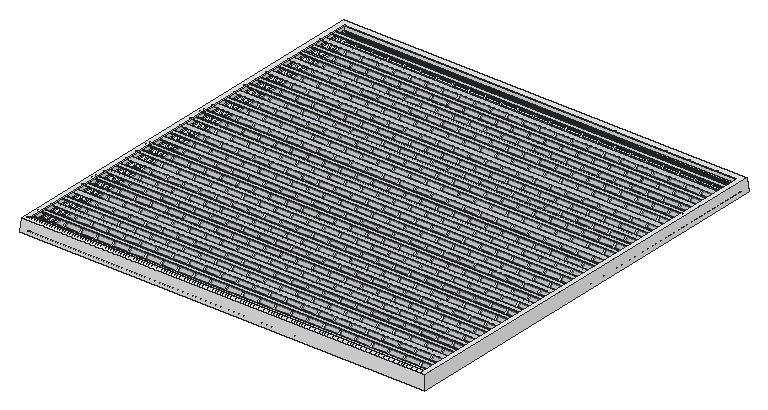
Revit family "NLRS_00_AIR_Muurrooster_ST-431-RC2_Storax", category Air Terminals, host Face, Revit 2023
Family settings
  Host = Face
  Round Connector Dimension = Use Diameter
  Part Type = Normal
  Cut with Voids When Loaded = No
  Shared = No
  Room Calculation Point = Yes
Parameters (values of type "ST-431-RC2")
  ZZZ_Width_Length [instance] = 1000 mm
  ZZZ_Symbol_wall width_Length [instance] = if(RSen_C_width = 0 mm, 1 mm, RSen_C_width)  # 1000 mm
  ZZZ_Symbol_wall depth_Length [instance] = if(RSen_C_depth = 0 mm, 1 mm, RSen_C_depth)  # 29 mm
  ZZZ_Symbol_ceiling width_Length [instance] = if(RSen_C_width = 0 mm, 1 mm, RSen_C_width)  # 1000 mm
  ZZZ_Symbol_ceiling height_Length [instance] = if(RSen_C_height = 0 mm, 1 mm, RSen_C_height)  # 1000 mm
  ZZZ_Surface mounted_YesNo = yes
  ZZZ_Recessed_YesNo = no
  ZZZ_Recess depth_negative_Length = if(1 = 1, -ZZZ_Recess depth_Length, 1 mm)  # 0 mm
  ZZZ_Recess depth_Length = 0 mm
  ZZZ_Protrusion_Length = 0 mm  # constant formula
  ZZZ_Profile_width_Length [instance] = ZZZ_Width_Length - ZZZ_Flange_offset_Length * 2  # 972 mm
  ZZZ_Profile top_offset_Length = 50.5 mm
  ZZZ_Profile middle_offset_Length = if(1 = 1, STX_I Blade_pitch, 1 mm)  # 33.3 mm
  ZZZ_Profile middle_amount__Integer [instance] = if(ZZZ_Profile middle_amount_Integer < 2, 2, ZZZ_Profile middle_amount_Integer)  # 27
  ZZZ_Profile middle_amount_Integer [instance] = (ZZZ_Height_Length - ZZZ_Profile top_offset_Length - ZZZ_Profile middle_offset_Length - ZZZ_Flange_offset_Length) / ZZZ_Profile middle_offset_Length  # 27
  ZZZ_Profile bottom_minimum height_Length = 23 mm
  ZZZ_Profile bottom_height_Length [instance] = if((ZZZ_Height_Length - ZZZ_Profile top_offset_Length - ZZZ_Profile middle_offset_Length * ZZZ_Profile middle_amount_Integer - ZZZ_Flange_offset_Length) < ZZZ_Profile bottom_minimum height_Length, ZZZ_Profile bottom_minimum height_Length, ZZZ_Height_Length - ZZZ_Profile top_offset_Length - ZZZ_Profile middle_offset_Length * ZZZ_Profile middle_amount_Integer - ZZZ_Flange_offset_Length)  # 36.4 mm
  ZZZ_Mounting space_Length [instance] = 1 mm
  ZZZ_Airflow_surface_Area [instance] = STX_V Height * STX_V Width  # 1.00 m²
  STX_V Mesh [instance] = NLRS_00_GM_Gaas_Storax : Insectengaas 2.3x2.3mm
  ZZZ_Louvre_rotation_Angle = 0.00°  # constant formula
  ZZZ_Louvre_insertion point_Length = 0 mm
  ZZZ_Louvre_insertion point negative_Length = if(1 = 1, -ZZZ_Louvre_insertion point_Length, 1 mm)  # 0 mm
  ZZZ_Height_Length [instance] = 1000 mm
  ZZZ_Half width negative_Length [instance] = -500 mm
  ZZZ_Half height negative_Length [instance] = -500 mm
  ZZZ_Flange_thickness_Length = if(STX_I Flange_thickness = 0 mm, 1 mm, STX_I Flange_thickness)  # 1 mm
  ZZZ_Flange_offset_Length = 14 mm
  ZZZ_Flange_FamilyType_Air Terminals = GEO_flange_renson_431RC2 : standard
  ZZZ_Dust filter_FamilyType_Air Terminals = dust filter - class g4 - SH_renson : dust filter - class g4_renson
  ZZZ_Depth_Length = if(1 = 1, RSen_C_depth, 1 mm)  # 29 mm
  ZZZ_Depth negative_Length = if(1 = 1, -RSen_C_depth, 1 mm)  # -29 mm
  ZZZ_Cut out_width__Length [instance] = if(and(ZZZ_Recessed_YesNo, ZZZ_Cut out_width_Length > 0 mm), ZZZ_Cut out_width_Length, 1 mm)  # 1 mm
  ZZZ_Cut out_width_Length [instance] = RSen_C_width + ZZZ_Mounting space_Length * 2  # 1002 mm
  ZZZ_Cut out_radius_Length [instance] = 1 mm
  ZZZ_Cut out_height__Length [instance] = if(and(ZZZ_Recessed_YesNo, ZZZ_Cut out_height_Length > 0 mm), ZZZ_Cut out_height_Length, 1 mm)  # 1 mm
  ZZZ_Cut out_height_Length [instance] = RSen_C_height + ZZZ_Mounting space_Length * 2  # 1002 mm
  ZZZ_Cut out_depth_Length = 500 mm
  ZZZ_Cut out_depth negative_Length = if(and(ZZZ_Recessed_YesNo, ZZZ_Cut out_depth_Length > 0 mm), -ZZZ_Cut out_depth_Length, 2 mm)  # 2 mm
  ZZZ_Airflow_HVACAirflow = 1.0 m³/h  # constant formula
  Type IFC Predefined Type = "Grille"
  RSen_M_c01_flow_rate [instance] = if(STX_V Supply air, STX_I Airflow_intake by K factor, STX_I Airflow_discharge by K factor)  # 1027.23 m³/h
  RSen_C_width [instance] = if(STX_V Width < STX_I Width_min, STX_I Width_min, if(STX_I Width_max < 1 mm, STX_V Width, if(STX_V Width > STX_I Width_max, STX_I Width_max, STX_V Width)))  # 1000 mm
  RSen_C_type_comments = "surface-mounted wall louvre"
  RSen_C_type = "surface-mounted wall louvre"
  RSen_C_model = "ST-431-RC2"
  RSen_C_material = RSen_h4_aluminum
  RSen_C_height [instance] = if(STX_V Height < STX_I Height_min, STX_I Height_min, if(STX_I Height_max < 1 mm, STX_V Height, if(STX_V Height > STX_I Height_max, STX_I Height_max, STX_V Height)))  # 1000 mm
  RSen_C_description = "ST-431-RC2"
  RSen_C_depth = 29 mm
  RSen_C_content_provider = "Storax"  # constant formula
  RSen_C_code_gtin = "-"
  RSen_C_code_article = "ST-431-RC2"
  RSen_C_code_ETIM_URL = "https://www.storax.nl/producten/zomernachtventilatie/st-431-rc2-43/"
  RSen_C_code_ETIM = "Overstroomrooster"  # constant formula
  RSen_C_code_CBNL_URL = ""
  RSen_C_code_CBNL = "Louvre"  # constant formula
  STX_W Fingerprint = "<RSen_C_length> x <RSen_C_height> mm"
  STX_V Width [instance] = 1000 mm
  STX_V Supply air = yes
  STX_V insect mesh [instance] = yes
  STX_V Air exhaust = not(STX_V Supply air)  # no
  STX_V Pressure drop [instance] = 1.0 Pa
  STX_V Height [instance] = 1000 mm
  STX_I Without flange_info = "no"
  STX_I Without flange = no
  STX_I Width_min = 120 mm
  STX_I Width_max = 4000 mm
  STX_I Water channel = yes
  STX_I U-value = "-"
  STX_I Sound reduction_Rw = "-"
  STX_I Sound reduction_Dw = "-"
  STX_I Size_maximum = "see price list"
  STX_I Removable insect mesh_info = "Min. dimensions: 190x190 mm; Max. dimensions: 1500x1200 mm"  # constant formula
  STX_I Puncture proof = yes
  STX_I Flange_thickness = 0 mm
  STX_I Air flow [instance] = if(STX_V Supply air, "supply", "exhaust")  # "supply"
  STX_I Visual free area = 0.59
  STX_I Zichtbaar vrije opp. = 0.5
  STX_I Width with flange [instance] = ZZZ_Width_Length + STX_I Flange_height * 2  # 1000 mm
  STX_I Material = "aluminiumAlMgSi0.5"
  STX_I K factor_intake = 20.47
  STX_I K factor_discharge = 19.58
  STX_I IP = "IP2XD"
  STX_I Height_min = 120 mm
  STX_I Height_max = 4000 mm
  STX_I G4 filter = no
  STX_I Shape = "rectangular"
  STX_I Fire resistance = "-"
  STX_I Drainage profile = no
  STX_I Depth_min = 0 mm
  STX_I Depth_max = 0 mm
  STX_I Control = "-"
  STX_I Ce coefficient_intake = 0.221
  STX_I Cd coefficient_discharge = 0.226
  STX_I Burglarproof_WK class = "-"
  STX_I Blade_type = "L.033.01"
  STX_I Blade_pitch = 33.3 mm
  STX_I Blade_shape = "Z"
  STX_I Assembly = ""
  STX_I Colour = ""
  STX_I BaseKeynote = "57.10.90.1"  # constant formula
  STX_I Height with flange [instance] = ZZZ_Height_Length + STX_I Flange_height * 2  # 1000 mm
  STX_I Airflow_intake by K factor [instance] = ((ZZZ_Airflow_surface_Area / 1.00 m²) * ((sqrt((2.0 Pa * STX_V Pressure drop) / (1.2 * STX_I K factor_intake))) / 1.0 Pa)) * 3600.0 m³/h  # 1027.23 m³/h
  STX_I Airflow_discharge by K factor [instance] = ((ZZZ_Airflow_surface_Area / 1.00 m²) * ((sqrt((2.0 Pa * STX_V Pressure drop) / (1.2 * STX_I K factor_discharge))) / 1.0 Pa)) * 3600.0 m³/h  # 1050.32 m³/h
  STX_I Flange_width = 0 mm
  STX_I Flange_height = 0 mm
  URL = ""
  Type Comments = RSen_C_type_comments  # "surface-mounted wall louvre"
  Model = RSen_C_model  # "ST-431-RC2"
  Manufacturer = "Storax"  # constant formula
  IfcExportType = "Grille"  # constant formula
  IfcExportAs = "IfcAirTerminalType"  # constant formula
  Export Type to IFC As = "IfcAirTerminalType"
  Description = RSen_C_description  # "ST-431-RC2"
  Default Elevation = 1219.2 mm
  Based On = "Renson"  # constant formula
  Assembly Code = "57.10.90.1"
  Apparent Load = 0 VA
Reference planes
  plane 1 "Center (Front/Back)": y = 0
  plane 2: z = 0
  plane 3 "Center (Left/Right)": x = 0
  plane 4: y = 500
  plane 5: y = -500
  plane 6: x = -500
  plane 7: x = 500
  plane 8: x = -500
  plane 9: x = 500
  plane 10: y = -500
  plane 11: y = 500
  plane 12: z = 29
  plane 13: z = 0
  plane 14: x = 486
  plane 15: x = -486
  plane 16: y = 486
  plane 17: y = -486
Forms (mm)
  Extrusion 1, solid, not visible, detail levels coarse
    sketch origin (-5, 0, 29) x (0, -1, 0) y (1, 0, 0)
      loop
        line (-500, -495) -> (500, -495) -> (500, 505) -> (-500, 505) -> (-500, -495)
    from 0 to -29 <- "ZZZ_Depth negative_Length"
Dimensions and locks
  equal spacing: plane 6, plane 3 "Center (Left/Right)", plane 7
  "STX_I Width with flange": plane 6 to plane 7
  equal spacing: plane 5, plane 1 "Center (Front/Back)", plane 4
  "STX_I Height with flange": plane 4 to plane 5
  equal spacing: plane 8, plane 3 "Center (Left/Right)", plane 9
  "RSen_C_width": plane 8 to plane 9
  equal spacing: plane 11, plane 1 "Center (Front/Back)", plane 10
  "RSen_C_height": plane 11 to plane 10
  "RSen_C_depth": plane 12 to plane 13
  "ZZZ_Recess depth_Length": host face to plane 13
  "ZZZ_Flange_offset_Length": plane 14 to plane 9
  "ZZZ_Flange_offset_Length": plane 8 to plane 15
  "ZZZ_Flange_offset_Length": plane 11 to plane 16
  "ZZZ_Flange_offset_Length": plane 17 to plane 10
  aligned and locked: plane 2 to host face
  aligned and locked: level to host face
  aligned and locked: Extrusion 1 sketch curve to plane 10
  aligned and locked: Extrusion 1 sketch curve to plane 9
  aligned and locked: Extrusion 1 sketch curve to plane 11
  aligned and locked: Extrusion 1 sketch curve to plane 8
  aligned and locked: nested 3 to plane 3 "Center (Left/Right)"
  aligned and locked: nested 3 to plane 1 "Center (Front/Back)"
Automatic sketch dimensions
  host sketch curve to host sketch curve = 2438.4 mm  (x2)
Nested families
  nested 1: "GEO_flange_renson_431RC2" at (0, 0, 29), REN_V Depth <- "RSen_C_depth", REN_V Material_01 <- "RSen_C_material", REN_V Width <- "RSen_C_width", REN_V Height <- "RSen_C_height", type "standard"
    with WT_H Width 1000 mm, WT_H Round no, WT_H Rectangular yes, WT_H Radius 2 mm, WT_H Inner width 971 mm, WT_H Inner radius_02 1 mm, WT_H Inner radius 1 mm, WT_H Inner height 971 mm, WT_H Height 1000 mm, WT_H Depth 29 mm, REN_V Width 1000 mm, REN_V Material_01 RSen_h4_aluminum, REN_V Height 1000 mm, REN_V Diameter 0 mm, REN_V Depth 29 mm
  nested 2: "GEO_louvre_renson ST-033-07b" at (0, 0, 29), STX_V Height <- "STX_V Height", STX_V Width <- "STX_V Width", type "standard"
    with WT_H_Flange Thickness 10 mm, WT_H array lamel void 26, WT_H Width 989 mm, WT_H Round no, WT_H Remaining Height 39.8 mm, WT_H Rectangular yes, WT_H Radius 2 mm, WT_H R1 -5.5 mm, WT_H Profile top_offset fake 41.1 mm, WT_H Profile top_offset 43 mm, WT_H Profile middle_single no, WT_H Profile middle_offset 33.3 mm, WT_H Profile middle_multiple yes, WT_H Profile middle_amount_ 27, WT_H Profile middle_amount 27, WT_H Profile bottom_minimum height 23 mm, WT_H Profile bottom_height 52.4 mm, WT_H Profile bottom visible 1, WT_H L3 1039 mm, WT_H L2 1050 mm, WT_H L1 10 mm, WT_H Height Without Edges 980 mm, WT_H Height Small Blade 29.9 mm, WT_H Height Normal Blade 37 mm, WT_H Height Large Blade 49.5 mm, WT_H Height 1000 mm, WT_H Depth 33.5 mm, WT_H Blade Profile Small no, WT_H Blade Profile Normal yes, WT_H Blade Profile Large no, WT_H Blade Count Fake Rounded 27, WT_H Blade Count Fake Not Rounded 28.195 mm, Top offset 11 mm, STX_V Width 1000 mm, STX_V Material_01 none, STX_V Height 1000 mm, STX_V Diameter 0 mm, STX_V Depth 33.5 mm, STX_H Flange_offset 5.5 mm
  nested 3: "NLRS_00_GM_Gaas_Storax" at (-500, 500, 33.3) x (1, 0, 0) z (0, -1, 0), Height <- "STX_V Height", Width <- "STX_V Width", visible <- "STX_V insect mesh", type <- "STX_V Mesh", type "Insectengaas 2.3x2.3mm"
    with Width 1000 mm, Offset_Gaas_Top_Sides 7.5 mm, Offset_Gaas_Bottom 7.5 mm, Height 1000 mm
Definition of nested family "GEO_flange_renson_431RC2"
  Parameters (values of type "standard")
    WT_V Flange_thickness = 0 mm
    REN_V Material_01 [instance] = none
    REN_V Width [instance] = 100 mm
    REN_V Height [instance] = 100 mm
    WT_H Round [instance] = not(WT_H Rectangular)  # no
    WT_H Rectangular [instance] = and(REN_V Width > 0 mm, WT_H Height > 0 mm)  # yes
    WT_H Width [instance] = if(REN_V Width = 0 mm, 2 mm, REN_V Width)  # 100 mm
    REN_V Depth [instance] = 29 mm
    REN_V Diameter [instance] = 0 mm
    WT_V Flange_height = 14.5 mm
    WT_H Height [instance] = if(REN_V Height = 0 mm, 2 mm, REN_V Height)  # 100 mm
    WT_H Inner radius_02 [instance] = if(WT_H Inner radius - WT_V Flange_thickness < 1 mm, 1 mm, WT_H Inner radius - WT_V Flange_thickness)  # 1 mm
    WT_H Inner radius [instance] = if(WT_H Radius - WT_V Flange_height < 1 mm, 1 mm, WT_H Radius - WT_V Flange_height)  # 1 mm
    WT_H Inner width [instance] = if(WT_H Width - WT_V Flange_height * 2 < 1 mm, 1 mm, WT_H Width - WT_V Flange_height * 2)  # 71 mm
    WT_H Inner height [instance] = if(WT_H Height - WT_V Flange_height * 2 < 1 mm, 1 mm, WT_H Height - WT_V Flange_height * 2)  # 71 mm
    WT_H Radius [instance] = if(REN_V Diameter = 0 mm, 2 mm, REN_V Diameter / 2)  # 2 mm
    WT_H Depth [instance] = if(REN_V Depth = 0 mm, 1 mm, REN_V Depth)  # 29 mm
    Default Elevation = 2500 mm
  Reference planes
    plane 1 "Center (Front/Back)": y = 0
    plane 2: z = 0
    plane 3 "Center (Left/Right)": x = 0
    plane 4 "top": z = -29
    plane 5 "left": x = -35.5
    plane 6 "right": x = 35.5
    plane 7: x = -50
    plane 8: x = 50
    plane 9 "back": y = 35.5
    plane 10 "front": y = -35.5
    plane 11: y = 50
    plane 12: y = -50
  Forms (mm)
    Extrusion 1, solid
      sketch origin (0, 0, 0) x (1, 0, 0) y (0, 1, 0)
        loop
          line (-1219.2, 1219.2) -> (-1219.2, -1219.2) -> (1219.2, -1219.2) -> (1219.2, 1219.2) -> (-1219.2, 1219.2)
      from 0 to -304.8
    Sweep 2, solid, material <- "REN_V Material_01"
      path origin (0, 0, 0) x (1, 0, 0) y (0, 1, 0)
        loop
          line (-50, 50) -> (-50, -50) -> (50, -50) -> (50, 50) -> (-50, 50)
      profile "PRF_profile - flange_renson_431RC2 : standaard" origin (0, 50, 0) x (0, 1, 0) y (0, 0, 1)
        loop
          line (-14, 2.3) -> (-14, -0.2) -> (-9, -0.2) -> (-9, -3.2) -> (-7.5, -3.2) -> (-7.5, -0.5) -> (-5.4, -0.5) -> (-5.4, -5.192) -> (-4.393, -17.994) -> (-5.4, -17.994) -> (-5.4, -20.7) -> (-7.5, -20.7) -> (-7.5, -18.4) -> (-9, -18.4) -> (-9, -21) -> (-29.9, -21) -> (-29.9, -24) -> (-37.9, -24) -> (-37.9, -26) -> (-29.4, -26) -> (-29.4, -28.9) -> (-27.9, -28.9) -> (-27.9, -27.35) -> (-25.4, -27.35) -> (-25.4, -25.85) -> (-27.9, -25.85) -> (-27.9, -23.8) -> (-11.9, -23.8) -> (-11.9, -25.85) -> (-14.4, -25.85) -> (-14.4, -27.35) -> (-11.837, -27.35)
          arc (-11.837, -27.35) -> (-10.562, -28.641) -> (-10.4, -26.834) r 1
          line (-10.4, -26.834) -> (-10.4, -24.2) -> (-6.4, -24.2) -> (-6.4, -29.2) -> (-4.9, -29.2) -> (-4.9, -24.259) -> (-2, -24.259) -> (-2, -29.2) -> (0, -29.2) -> (-2.589, 2.3) -> (-14, 2.3)
  Dimensions and locks
    equal spacing: plane 7, plane 3 "Center (Left/Right)", plane 8
    "WT_H Width": plane 7 to plane 8
    equal spacing: plane 5 "left", plane 3 "Center (Left/Right)", plane 6 "right"
    "WT_H Inner width": plane 5 "left" to plane 6 "right"
    equal spacing: plane 11, plane 1 "Center (Front/Back)", plane 12
    equal spacing: plane 9 "back", plane 1 "Center (Front/Back)", plane 10 "front"
    "WT_H Height": plane 12 to plane 11
    "WT_H Inner height": plane 10 "front" to plane 9 "back"
    "WT_H Depth": level to plane 4 "top"
    aligned and locked: plane 2 to Extrusion 1
    aligned and locked: level to Extrusion 1
    aligned and locked: plane 11 to Sweep 2 sketch curve
    aligned and locked: Sweep 2 sketch curve to plane 12
    aligned and locked: Sweep 2 sketch curve to plane 8
    aligned and locked: plane 7 to Sweep 2 sketch curve
  Automatic sketch dimensions
    Extrusion 1 sketch curve to Extrusion 1 sketch curve = 2438.4 mm  (x2)
Definition of nested family "GEO_louvre_renson ST-033-07b"
  Parameters (values of type "standard")
    WT_H_Flange Thickness [instance] = 10 mm
    WT_H array lamel void [instance] = (STX_V Width / 40 mm) + 1  # 26
    WT_H Remaining Height [instance] = WT_H Height Without Edges - WT_H Profile top_offset fake - WT_H Blade Count Fake Rounded * WT_H Profile middle_offset  # 39.8 mm
    WT_H R1 [instance] = if(1 = 1, STX_V Diameter / 2 - STX_H Flange_offset, 1 mm)  # -5.5 mm
    WT_H Profile top_offset fake [instance] = WT_H Profile top_offset - 2.9 mm + 1 mm  # 41.1 mm
    WT_H Profile middle_multiple [instance] = WT_H Profile middle_amount > 1  # yes
    WT_H Profile top_offset [instance] = 43 mm
    WT_H Profile middle_single [instance] = and(WT_H Height - WT_H Profile top_offset - WT_H Profile middle_offset - STX_H Flange_offset + 15 mm > WT_H Profile middle_offset, WT_H Profile middle_amount < 2)  # no
    WT_H Profile middle_offset [instance] = 33.3 mm
    WT_H Profile bottom visible [instance] = if(WT_H Remaining Height - 2 mm > WT_H Height Large Blade, 2, if(WT_H Remaining Height - 2 mm > WT_H Height Normal Blade, 1, if(WT_H Remaining Height - 2 mm > WT_H Height Small Blade, 0, 3)))  # 1
    WT_H Height Without Edges [instance] = STX_V Height - 2 * WT_H_Flange Thickness  # 980 mm
    WT_H Height Small Blade [instance] = 29.9 mm
    WT_H Height Normal Blade [instance] = 37 mm
    WT_H Height Large Blade [instance] = 49.5 mm
    WT_H Blade Profile Small [instance] = WT_H Profile bottom visible = 0  # no
    WT_H Blade Profile Normal [instance] = WT_H Profile bottom visible = 1  # yes
    WT_H Blade Profile Large [instance] = WT_H Profile bottom visible = 2  # no
    WT_H Blade Count Fake Rounded [instance] = rounddown((WT_H Height Without Edges - WT_H Profile top_offset fake) / WT_H Profile middle_offset - WT_H Height Small Blade / WT_H Profile middle_offset)  # 27
    WT_H Blade Count Fake Not Rounded [instance] = (WT_H Height Without Edges - WT_H Profile top_offset fake) / WT_H Profile middle_offset * 1 mm  # 28.195 mm
    Top offset [instance] = WT_H_Flange Thickness + 1 mm  # 11 mm
    STX_V Material_01 [instance] = none
    STX_V Width [instance] = 1000 mm
    STX_V Height [instance] = 1000 mm
    WT_H Profile middle_amount_ [instance] = if(WT_H Profile middle_amount < 2, 2, WT_H Profile middle_amount)  # 27
    WT_H Profile middle_amount [instance] = rounddown((WT_H Height Without Edges - WT_H Profile top_offset fake) / WT_H Profile middle_offset - WT_H Height Small Blade / WT_H Profile middle_offset)  # 27
    WT_H Profile bottom_height [instance] = if((WT_H Height - WT_H Profile top_offset - WT_H Profile middle_offset * WT_H Profile middle_amount - STX_H Flange_offset) < WT_H Profile bottom_minimum height, WT_H Profile bottom_minimum height, WT_H Height - WT_H Profile top_offset - WT_H Profile middle_offset * WT_H Profile middle_amount - STX_H Flange_offset)  # 52.4 mm
    WT_H L3 [instance] = WT_H Width + 50 mm  # 1039 mm
    WT_H L2 [instance] = WT_H Height + 50 mm  # 1050 mm
    WT_H L1 [instance] = if(or(STX_V Width = 0 mm, STX_V Height = 0 mm), -STX_V Depth - 10 mm, 10 mm)  # 10 mm
    STX_H Flange_offset [instance] = 5.5 mm
    WT_H Round [instance] = not(WT_H Rectangular)  # no
    WT_H Rectangular [instance] = and(STX_V Width > 0 mm, WT_H Height > 0 mm)  # yes
    WT_H Width [instance] = if(STX_V Width = 0 mm, STX_V Diameter - STX_H Flange_offset * 2, STX_V Width - STX_H Flange_offset * 2)  # 989 mm
    STX_V Depth [instance] = 33.5 mm
    STX_V Diameter [instance] = 0 mm
    WT_H Profile bottom_minimum height [instance] = 23 mm
    WT_H Height [instance] = if(STX_V Height = 0 mm, STX_V Diameter, STX_V Height)  # 1000 mm
    WT_H Radius [instance] = if(STX_V Diameter = 0 mm, 2 mm, STX_V Diameter / 2)  # 2 mm
    WT_H Depth [instance] = if(STX_V Depth = 0 mm, 1 mm, STX_V Depth)  # 33.5 mm
    Default Elevation = 2500 mm
  Reference planes
    plane 1 "Center (Front/Back)": y = 0
    plane 2: z = 0
    plane 3 "Center (Left/Right)": x = 0
    plane 4 "top": z = -33.5
    plane 5: x = -494.5
    plane 6: x = 494.5
    plane 7: y = 500
    plane 8: y = -500
    plane 9: z = -5
    plane 10: y = 446
    plane 11: y = 412.7
    plane 12: y = -445.485
    plane 13: y = -445.485
    plane 14: y = -445.485
    plane 15: y = 490
    plane 16: y = -490
    plane 17: y = -450.2
    plane 18: y = -450.2
    plane 19: y = -450.2
    plane 20: y = 489
    plane 21: x = -512.5
    plane 22: x = -476.5
    plane 23: x = -472.5
    plane 24: x = -436.5
    plane 25: y = 483
  Forms (mm)
    Extrusion 1, solid
      sketch origin (0, 0, 0) x (1, 0, 0) y (0, 1, 0)
        loop
          line (-1219.2, 1219.2) -> (-1219.2, -1219.2) -> (1219.2, -1219.2) -> (1219.2, 1219.2) -> (-1219.2, 1219.2)
      from 0 to -304.8
    Sweep 2, solid, material <- "STX_V Material_01", visible <- "WT_H Blade Profile Normal", not visible
      path origin (0, 50.771, 0) x (1, 0, 0) y (0, 1, 0)
        loop
          line (-494, -500) -> (494, -500)
      profile "NLRS_00_PRF_P-02013 : NLRS_00_PRF_P-02013" origin (0, -449.229, 0) x (0, 1, 0) y (0, 0, 1)
        loop
          arc (-2.993, -18.528) -> (-1.165, -19.034) -> (0.705, -19.343) r 17.9
          arc (0.705, -19.343) -> (1.081, -20.125) -> (1.904, -20.4) r 1.112
          line (1.904, -20.4) -> (2.749, -20.4)
          arc (2.749, -20.4) -> (3.491, -20.071) -> (3.744, -19.3) r 1
          line (3.744, -19.3) -> (1.871, -19.3) -> (1.871, -18.333)
          arc (1.871, -18.333) -> (-1.278, -17.879) -> (-4.284, -16.839) r 16.8
          arc (-4.284, -16.839) -> (-4.573, -17.042) -> (-4.347, -17.313) r 0.24
          arc (-4.347, -17.313) -> (-4.161, -18.598) -> (-5.253, -19.3) r 1.2
          line (-5.253, -19.3) -> (-6.993, -19.3)
          arc (-6.993, -19.3) -> (-7.467, -19.18) -> (-7.828, -18.849) r 1
          line (-7.828, -18.849) -> (-19.923, -0.451)
          arc (-19.923, -0.451) -> (-20.284, -0.12) -> (-20.759, 0) r 1
          line (-20.759, 0) -> (-33.3, 0) -> (-32.711, -0.589) -> (-31.028, -1.374)
          arc (-31.028, -1.374) -> (-30.551, -1.437) -> (-30.124, -1.215) r 0.8
          line (-30.124, -1.215) -> (-29.037, -1.1) -> (-23.798, -1.1) -> (-22.966, -1.25) -> (-20.672, -1.25) -> (-19.308, -3.649) -> (-21.935, -3.649)
          arc (-21.935, -3.649) -> (-20.711, -5.184) -> (-18.8, -5.633) r 3
          arc (-18.8, -5.633) -> (-18.003, -5.771) -> (-17.393, -6.302) r 1.5
          line (-17.393, -6.302) -> (-8.747, -19.454)
          arc (-8.747, -19.454) -> (-7.989, -20.148) -> (-6.993, -20.4) r 2.1
          line (-6.993, -20.4) -> (-5.253, -20.4)
          arc (-5.253, -20.4) -> (-3.785, -19.871) -> (-2.993, -18.528) r 2.3
    Sweep 3, solid, material <- "STX_V Material_01", visible <- "WT_H Blade Profile Small", not visible
      path origin (0, 50.771, 0) x (1, 0, 0) y (0, 1, 0)
        loop
          line (-494, -500) -> (494, -500)
      profile "NLRS_00_PRF_P-02015 : NLRS_00_PRF_P-02015" origin (0, -449.229, 0) x (0, 1, 0) y (0, 0, 1)
        loop
          arc (-3.037, -18.528) -> (-1.21, -19.034) -> (0.661, -19.343) r 17.9
          arc (0.661, -19.343) -> (1.036, -20.125) -> (1.859, -20.4) r 1.112
          line (1.859, -20.4) -> (2.705, -20.4)
          arc (2.705, -20.4) -> (3.447, -20.071) -> (3.7, -19.3) r 1
          line (3.7, -19.3) -> (1.827, -19.3) -> (1.827, -18.333)
          arc (1.827, -18.333) -> (-1.322, -17.879) -> (-4.329, -16.839) r 16.8
          arc (-4.329, -16.839) -> (-4.617, -17.042) -> (-4.391, -17.313) r 0.24
          arc (-4.391, -17.313) -> (-4.205, -18.598) -> (-5.297, -19.3) r 1.2
          line (-5.297, -19.3) -> (-7.037, -19.3)
          arc (-7.037, -19.3) -> (-7.512, -19.18) -> (-7.873, -18.849) r 1
          line (-7.873, -18.849) -> (-19.967, -0.451)
          arc (-19.967, -0.451) -> (-20.328, -0.12) -> (-20.803, 0) r 1
          line (-20.803, 0) -> (-26.155, 0) -> (-26.155, -1.25) -> (-20.716, -1.25) -> (-19.353, -3.649) -> (-21.979, -3.649)
          arc (-21.979, -3.649) -> (-20.755, -5.184) -> (-18.844, -5.633) r 3
          arc (-18.844, -5.633) -> (-18.047, -5.771) -> (-17.438, -6.302) r 1.5
          line (-17.438, -6.302) -> (-8.792, -19.454)
          arc (-8.792, -19.454) -> (-8.034, -20.148) -> (-7.037, -20.4) r 2.1
          line (-7.037, -20.4) -> (-5.297, -20.4)
          arc (-5.297, -20.4) -> (-3.83, -19.871) -> (-3.037, -18.528) r 2.3
    Sweep 4, solid, material <- "STX_V Material_01", visible <- "WT_H Blade Profile Large", not visible
      path origin (0, 50.771, 0) x (1, 0, 0) y (0, 1, 0)
        loop
          line (-494, -500) -> (494, -500)
      profile "NLRS_00_PRF_P-02016 : NLRS_00_PRF_P-02016" origin (0, -449.229, 0) x (0, 1, 0) y (0, 0, 1)
        loop
          arc (-3.037, -18.528) -> (-1.21, -19.034) -> (0.661, -19.343) r 17.9
          arc (0.661, -19.343) -> (1.036, -20.125) -> (1.859, -20.4) r 1.112
          line (1.859, -20.4) -> (2.705, -20.4)
          arc (2.705, -20.4) -> (3.447, -20.071) -> (3.7, -19.3) r 1
          line (3.7, -19.3) -> (1.827, -19.3) -> (1.827, -18.333)
          arc (1.827, -18.333) -> (-1.122, -17.926) -> (-3.952, -17.005) r 16.8
          arc (-3.952, -17.005) -> (-4.387, -17.184) -> (-4.199, -17.616) r 0.329
          arc (-4.199, -17.616) -> (-4.292, -18.755) -> (-5.297, -19.3) r 1.2
          line (-5.297, -19.3) -> (-7.037, -19.3)
          arc (-7.037, -19.3) -> (-7.512, -19.18) -> (-7.873, -18.849) r 1
          line (-7.873, -18.849) -> (-19.967, -0.451)
          arc (-19.967, -0.451) -> (-20.328, -0.12) -> (-20.803, 0) r 1
          line (-20.803, 0) -> (-34.214, 0) -> (-34.788, -0.993) -> (-45.799, -0.993) -> (-45.194, -1.598) -> (-43.544, -2.367)
          arc (-43.544, -2.367) -> (-43.097, -2.435) -> (-42.685, -2.25) r 0.8
          line (-42.685, -2.25) -> (-34.589, -2.25)
          arc (-34.589, -2.25) -> (-33.882, -1.957) -> (-33.589, -1.25) r 1
          line (-33.589, -1.25) -> (-20.716, -1.25) -> (-19.353, -3.649) -> (-21.979, -3.649)
          arc (-21.979, -3.649) -> (-20.755, -5.184) -> (-18.844, -5.633) r 3
          arc (-18.844, -5.633) -> (-18.047, -5.771) -> (-17.438, -6.302) r 1.5
          line (-17.438, -6.302) -> (-8.792, -19.454)
          arc (-8.792, -19.454) -> (-8.034, -20.148) -> (-7.037, -20.4) r 2.1
          line (-7.037, -20.4) -> (-5.297, -20.4)
          arc (-5.297, -20.4) -> (-3.83, -19.871) -> (-3.037, -18.528) r 2.3
    Sweep 5, solid, material <- "STX_V Material_01", visible <- "WT_H Blade Profile Large"
      path origin (0, 49.1, 0) x (1, 0, 0) y (0, 1, 0)
        loop
          line (-494.5, -503) -> (494.5, -503)
      profile "NLRS_00_PRF_P-02016 : NLRS_00_PRF_P-02016" origin (0, -453.9, 0) x (0, 1, 0) y (0, 0, 1)
        loop
          arc (-3.037, -18.528) -> (-1.21, -19.034) -> (0.661, -19.343) r 17.9
          arc (0.661, -19.343) -> (1.036, -20.125) -> (1.859, -20.4) r 1.112
          line (1.859, -20.4) -> (2.705, -20.4)
          arc (2.705, -20.4) -> (3.447, -20.071) -> (3.7, -19.3) r 1
          line (3.7, -19.3) -> (1.827, -19.3) -> (1.827, -18.333)
          arc (1.827, -18.333) -> (-1.122, -17.926) -> (-3.952, -17.005) r 16.8
          arc (-3.952, -17.005) -> (-4.387, -17.184) -> (-4.199, -17.616) r 0.329
          arc (-4.199, -17.616) -> (-4.292, -18.755) -> (-5.297, -19.3) r 1.2
          line (-5.297, -19.3) -> (-7.037, -19.3)
          arc (-7.037, -19.3) -> (-7.512, -19.18) -> (-7.873, -18.849) r 1
          line (-7.873, -18.849) -> (-19.967, -0.451)
          arc (-19.967, -0.451) -> (-20.328, -0.12) -> (-20.803, 0) r 1
          line (-20.803, 0) -> (-34.214, 0) -> (-34.788, -0.993) -> (-45.799, -0.993) -> (-45.194, -1.598) -> (-43.544, -2.367)
          arc (-43.544, -2.367) -> (-43.097, -2.435) -> (-42.685, -2.25) r 0.8
          line (-42.685, -2.25) -> (-34.589, -2.25)
          arc (-34.589, -2.25) -> (-33.882, -1.957) -> (-33.589, -1.25) r 1
          line (-33.589, -1.25) -> (-20.716, -1.25) -> (-19.353, -3.649) -> (-21.979, -3.649)
          arc (-21.979, -3.649) -> (-20.755, -5.184) -> (-18.844, -5.633) r 3
          arc (-18.844, -5.633) -> (-18.047, -5.771) -> (-17.438, -6.302) r 1.5
          line (-17.438, -6.302) -> (-8.792, -19.454)
          arc (-8.792, -19.454) -> (-8.034, -20.148) -> (-7.037, -20.4) r 2.1
          line (-7.037, -20.4) -> (-5.297, -20.4)
          arc (-5.297, -20.4) -> (-3.83, -19.871) -> (-3.037, -18.528) r 2.3
    Sweep 6, solid, material <- "STX_V Material_01", visible <- "WT_H Blade Profile Small"
      path origin (0, 49.1, 0) x (1, 0, 0) y (0, 1, 0)
        loop
          line (-494.5, -503) -> (494.5, -503)
      profile "NLRS_00_PRF_P-02015 : NLRS_00_PRF_P-02015" origin (0, -453.9, 0) x (0, 1, 0) y (0, 0, 1)
        loop
          arc (-3.037, -18.528) -> (-1.21, -19.034) -> (0.661, -19.343) r 17.9
          arc (0.661, -19.343) -> (1.036, -20.125) -> (1.859, -20.4) r 1.112
          line (1.859, -20.4) -> (2.705, -20.4)
          arc (2.705, -20.4) -> (3.447, -20.071) -> (3.7, -19.3) r 1
          line (3.7, -19.3) -> (1.827, -19.3) -> (1.827, -18.333)
          arc (1.827, -18.333) -> (-1.322, -17.879) -> (-4.329, -16.839) r 16.8
          arc (-4.329, -16.839) -> (-4.617, -17.042) -> (-4.391, -17.313) r 0.24
          arc (-4.391, -17.313) -> (-4.205, -18.598) -> (-5.297, -19.3) r 1.2
          line (-5.297, -19.3) -> (-7.037, -19.3)
          arc (-7.037, -19.3) -> (-7.512, -19.18) -> (-7.873, -18.849) r 1
          line (-7.873, -18.849) -> (-19.967, -0.451)
          arc (-19.967, -0.451) -> (-20.328, -0.12) -> (-20.803, 0) r 1
          line (-20.803, 0) -> (-26.155, 0) -> (-26.155, -1.25) -> (-20.716, -1.25) -> (-19.353, -3.649) -> (-21.979, -3.649)
          arc (-21.979, -3.649) -> (-20.755, -5.184) -> (-18.844, -5.633) r 3
          arc (-18.844, -5.633) -> (-18.047, -5.771) -> (-17.438, -6.302) r 1.5
          line (-17.438, -6.302) -> (-8.792, -19.454)
          arc (-8.792, -19.454) -> (-8.034, -20.148) -> (-7.037, -20.4) r 2.1
          line (-7.037, -20.4) -> (-5.297, -20.4)
          arc (-5.297, -20.4) -> (-3.83, -19.871) -> (-3.037, -18.528) r 2.3
    Sweep 7, solid, material <- "STX_V Material_01", visible <- "WT_H Blade Profile Normal"
      path origin (0, 49.056, 0) x (1, 0, 0) y (0, 1, 0)
        loop
          line (-494.5, -503) -> (494.5, -503)
      profile "NLRS_00_PRF_P-02013 : NLRS_00_PRF_P-02013" origin (0, -453.944, 0) x (0, 1, 0) y (0, 0, 1)
        loop
          arc (-2.993, -18.528) -> (-1.165, -19.034) -> (0.705, -19.343) r 17.9
          arc (0.705, -19.343) -> (1.081, -20.125) -> (1.904, -20.4) r 1.112
          line (1.904, -20.4) -> (2.749, -20.4)
          arc (2.749, -20.4) -> (3.491, -20.071) -> (3.744, -19.3) r 1
          line (3.744, -19.3) -> (1.871, -19.3) -> (1.871, -18.333)
          arc (1.871, -18.333) -> (-1.278, -17.879) -> (-4.284, -16.839) r 16.8
          arc (-4.284, -16.839) -> (-4.573, -17.042) -> (-4.347, -17.313) r 0.24
          arc (-4.347, -17.313) -> (-4.161, -18.598) -> (-5.253, -19.3) r 1.2
          line (-5.253, -19.3) -> (-6.993, -19.3)
          arc (-6.993, -19.3) -> (-7.467, -19.18) -> (-7.828, -18.849) r 1
          line (-7.828, -18.849) -> (-19.923, -0.451)
          arc (-19.923, -0.451) -> (-20.284, -0.12) -> (-20.759, 0) r 1
          line (-20.759, 0) -> (-33.3, 0) -> (-32.711, -0.589) -> (-31.028, -1.374)
          arc (-31.028, -1.374) -> (-30.551, -1.437) -> (-30.124, -1.215) r 0.8
          line (-30.124, -1.215) -> (-29.037, -1.1) -> (-23.798, -1.1) -> (-22.966, -1.25) -> (-20.672, -1.25) -> (-19.308, -3.649) -> (-21.935, -3.649)
          arc (-21.935, -3.649) -> (-20.711, -5.184) -> (-18.8, -5.633) r 3
          arc (-18.8, -5.633) -> (-18.003, -5.771) -> (-17.393, -6.302) r 1.5
          line (-17.393, -6.302) -> (-8.747, -19.454)
          arc (-8.747, -19.454) -> (-7.989, -20.148) -> (-6.993, -20.4) r 2.1
          line (-6.993, -20.4) -> (-5.253, -20.4)
          arc (-5.253, -20.4) -> (-3.785, -19.871) -> (-2.993, -18.528) r 2.3
    Extrusion 8, void, not visible
      sketch origin (0, 0, 0) x (1, 0, 0) y (0, 1, 0)
        loop
          line (-512.5, 427.607) -> (-512.5, 416.67) -> (-476.5, 416.67) -> (-476.5, 427.607) -> (-512.5, 427.607)
      from -33.5 to -9.821
  Dimensions and locks
    equal spacing: plane 5, plane 3 "Center (Left/Right)", plane 6
    "WT_H Width": plane 5 to plane 6
    equal spacing: plane 7, plane 1 "Center (Front/Back)", plane 8
    "WT_H Height": plane 8 to plane 7
    "WT_H Depth": level to plane 4 "top"
    level to plane 9 = 5 mm
    "WT_H Profile middle_offset": plane 10 to plane 11
    plane 7 to plane 8 = 1000 mm
    "WT_H_Flange Thickness": plane 7 to plane 15
    "WT_H_Flange Thickness": plane 16 to plane 8
    "WT_H Remaining Height": plane 17 to plane 16
    "WT_H Remaining Height": plane 18 to plane 16
    "WT_H Remaining Height": plane 19 to plane 16
    Sweep 7 to plane 8 = 13.345 mm
    "WT_H Profile top_offset": plane 20 to plane 10
    plane 15 to plane 20 = 1 mm
    plane 15 to plane 16 = 980 mm
    plane 21 to plane 5 = 18 mm
    locked: plane 21 to plane 22 at 36
    locked: plane 22 to plane 23 at 4
    locked: plane 23 to plane 24 at 36
    equal spacing: group 5, group 6, group 7, group 8, group 9, group 10, group 11, group 12, group 13, group 14, group 15, group 16, group 17, group 18, group 19, group 20, group 21, group 22, group 23, group 24, group 25, group 26, group 27, group 28, group 29, group 30, group 31  (x2)
    equal spacing: group 31, group 30, group 29, group 28, group 27, group 26, group 25, group 24, group 23, group 22, group 21, group 20, group 19, group 18, group 17, group 16, group 15, group 14, group 13, group 12, group 11, group 10, group 9, group 8, group 7, group 6, group 5
    locked: plane 15 to plane 25 at 7
    aligned and locked: plane 2 to Extrusion 1
    aligned and locked: level to Extrusion 1
    aligned and locked: plane 19 to Sweep 7
    aligned and locked: plane 17 to Sweep 5
    aligned and locked: plane 18 to Sweep 6
    aligned and locked: plane 5 to Sweep 7 sketch curve
    aligned and locked: plane 6 to Sweep 7 sketch curve
    aligned and locked: plane 6 to Sweep 6 sketch curve
    aligned and locked: plane 5 to Sweep 6 sketch curve
    aligned and locked: plane 6 to Sweep 5 sketch curve
    aligned and locked: plane 5 to Sweep 5 sketch curve
    aligned and locked: plane 3 "Center (Left/Right)" to nested 1
    aligned and locked: nested 1 to plane 10
    aligned and locked: nested 2 to plane 11
    aligned and locked: nested 28 to plane 25
  Automatic sketch dimensions
    plane 12 to Sweep 2 sketch curve = 3.744 mm
    Sweep 2 sketch curve to Sweep 2 sketch curve = 988 mm
    plane 13 to Sweep 3 sketch curve = 3.744 mm
    Sweep 3 sketch curve to Sweep 3 sketch curve = 988 mm
    plane 14 to Sweep 4 sketch curve = 3.744 mm
    Sweep 4 sketch curve to Sweep 4 sketch curve = 988 mm
    Extrusion 1 sketch curve to Extrusion 1 sketch curve = 2438.4 mm  (x2)
    plane 17 to Sweep 5 sketch curve = 3.7 mm
    plane 17 to Sweep 6 sketch curve = 3.7 mm
    plane 17 to Sweep 7 sketch curve = 3.744 mm
    Extrusion 8 sketch curve to Extrusion 8 sketch curve = 36 mm
    Extrusion 8 sketch curve to Extrusion 8 sketch curve = 10.937 mm
  Nested families
    nested 1: "GM_lamel ST-033.07_RC2_with void" at (0, 446, 0), Length lamel ST431RC2 <- "WT_H Width", type "GM_lamel ST-033.07_RC2_with void"
      with Void Array 26, Offset void 512.5 mm, Length lamel ST431RC2 989 mm
    nested 2: "GM_lamel ST-033.07_RC2_with void" at (0, 412.7, 0), Length lamel ST431RC2 <- "WT_H Width", type "GM_lamel ST-033.07_RC2_with void"
      with Void Array 26, Offset void 512.5 mm, Length lamel ST431RC2 989 mm
    nested 3: "GM_lamel ST-033.07_RC2_with void" at (0, 379.4, 0), Length lamel ST431RC2 <- "WT_H Width", type "GM_lamel ST-033.07_RC2_with void"
      with Void Array 26, Offset void 512.5 mm, Length lamel ST431RC2 989 mm
    nested 4: "GM_lamel ST-033.07_RC2_with void" at (0, 346.1, 0), Length lamel ST431RC2 <- "WT_H Width", type "GM_lamel ST-033.07_RC2_with void"
      with Void Array 26, Offset void 512.5 mm, Length lamel ST431RC2 989 mm
    nested 5: "GM_lamel ST-033.07_RC2_with void" at (0, 312.8, 0), Length lamel ST431RC2 <- "WT_H Width", type "GM_lamel ST-033.07_RC2_with void"
      with Void Array 26, Offset void 512.5 mm, Length lamel ST431RC2 989 mm
    nested 6: "GM_lamel ST-033.07_RC2_with void" at (0, 279.5, 0), Length lamel ST431RC2 <- "WT_H Width", type "GM_lamel ST-033.07_RC2_with void"
      with Void Array 26, Offset void 512.5 mm, Length lamel ST431RC2 989 mm
    nested 7: "GM_lamel ST-033.07_RC2_with void" at (0, 246.2, 0), Length lamel ST431RC2 <- "WT_H Width", type "GM_lamel ST-033.07_RC2_with void"
      with Void Array 26, Offset void 512.5 mm, Length lamel ST431RC2 989 mm
    nested 8: "GM_lamel ST-033.07_RC2_with void" at (0, 212.9, 0), Length lamel ST431RC2 <- "WT_H Width", type "GM_lamel ST-033.07_RC2_with void"
      with Void Array 26, Offset void 512.5 mm, Length lamel ST431RC2 989 mm
    nested 9: "GM_lamel ST-033.07_RC2_with void" at (0, 179.6, 0), Length lamel ST431RC2 <- "WT_H Width", type "GM_lamel ST-033.07_RC2_with void"
      with Void Array 26, Offset void 512.5 mm, Length lamel ST431RC2 989 mm
    nested 10: "GM_lamel ST-033.07_RC2_with void" at (0, 146.3, 0), Length lamel ST431RC2 <- "WT_H Width", type "GM_lamel ST-033.07_RC2_with void"
      with Void Array 26, Offset void 512.5 mm, Length lamel ST431RC2 989 mm
    nested 11: "GM_lamel ST-033.07_RC2_with void" at (0, 113, 0), Length lamel ST431RC2 <- "WT_H Width", type "GM_lamel ST-033.07_RC2_with void"
      with Void Array 26, Offset void 512.5 mm, Length lamel ST431RC2 989 mm
    nested 12: "GM_lamel ST-033.07_RC2_with void" at (0, 79.7, 0), Length lamel ST431RC2 <- "WT_H Width", type "GM_lamel ST-033.07_RC2_with void"
      with Void Array 26, Offset void 512.5 mm, Length lamel ST431RC2 989 mm
    nested 13: "GM_lamel ST-033.07_RC2_with void" at (0, 46.4, 0), Length lamel ST431RC2 <- "WT_H Width", type "GM_lamel ST-033.07_RC2_with void"
      with Void Array 26, Offset void 512.5 mm, Length lamel ST431RC2 989 mm
    nested 14: "GM_lamel ST-033.07_RC2_with void" at (0, 13.1, 0), Length lamel ST431RC2 <- "WT_H Width", type "GM_lamel ST-033.07_RC2_with void"
      with Void Array 26, Offset void 512.5 mm, Length lamel ST431RC2 989 mm
    nested 15: "GM_lamel ST-033.07_RC2_with void" at (0, -20.2, 0), Length lamel ST431RC2 <- "WT_H Width", type "GM_lamel ST-033.07_RC2_with void"
      with Void Array 26, Offset void 512.5 mm, Length lamel ST431RC2 989 mm
    nested 16: "GM_lamel ST-033.07_RC2_with void" at (0, -53.5, 0), Length lamel ST431RC2 <- "WT_H Width", type "GM_lamel ST-033.07_RC2_with void"
      with Void Array 26, Offset void 512.5 mm, Length lamel ST431RC2 989 mm
    nested 17: "GM_lamel ST-033.07_RC2_with void" at (0, -86.8, 0), Length lamel ST431RC2 <- "WT_H Width", type "GM_lamel ST-033.07_RC2_with void"
      with Void Array 26, Offset void 512.5 mm, Length lamel ST431RC2 989 mm
    nested 18: "GM_lamel ST-033.07_RC2_with void" at (0, -120.1, 0), Length lamel ST431RC2 <- "WT_H Width", type "GM_lamel ST-033.07_RC2_with void"
      with Void Array 26, Offset void 512.5 mm, Length lamel ST431RC2 989 mm
    nested 19: "GM_lamel ST-033.07_RC2_with void" at (0, -153.4, 0), Length lamel ST431RC2 <- "WT_H Width", type "GM_lamel ST-033.07_RC2_with void"
      with Void Array 26, Offset void 512.5 mm, Length lamel ST431RC2 989 mm
    nested 20: "GM_lamel ST-033.07_RC2_with void" at (0, -186.7, 0), Length lamel ST431RC2 <- "WT_H Width", type "GM_lamel ST-033.07_RC2_with void"
      with Void Array 26, Offset void 512.5 mm, Length lamel ST431RC2 989 mm
    nested 21: "GM_lamel ST-033.07_RC2_with void" at (0, -220, 0), Length lamel ST431RC2 <- "WT_H Width", type "GM_lamel ST-033.07_RC2_with void"
      with Void Array 26, Offset void 512.5 mm, Length lamel ST431RC2 989 mm
    nested 22: "GM_lamel ST-033.07_RC2_with void" at (0, -253.3, 0), Length lamel ST431RC2 <- "WT_H Width", type "GM_lamel ST-033.07_RC2_with void"
      with Void Array 26, Offset void 512.5 mm, Length lamel ST431RC2 989 mm
    nested 23: "GM_lamel ST-033.07_RC2_with void" at (0, -286.6, 0), Length lamel ST431RC2 <- "WT_H Width", type "GM_lamel ST-033.07_RC2_with void"
      with Void Array 26, Offset void 512.5 mm, Length lamel ST431RC2 989 mm
    nested 24: "GM_lamel ST-033.07_RC2_with void" at (0, -319.9, 0), Length lamel ST431RC2 <- "WT_H Width", type "GM_lamel ST-033.07_RC2_with void"
      with Void Array 26, Offset void 512.5 mm, Length lamel ST431RC2 989 mm
    nested 25: "GM_lamel ST-033.07_RC2_with void" at (0, -353.2, 0), Length lamel ST431RC2 <- "WT_H Width", type "GM_lamel ST-033.07_RC2_with void"
      with Void Array 26, Offset void 512.5 mm, Length lamel ST431RC2 989 mm
    nested 26: "GM_lamel ST-033.07_RC2_with void" at (0, -386.5, 0), Length lamel ST431RC2 <- "WT_H Width", type "GM_lamel ST-033.07_RC2_with void"
      with Void Array 26, Offset void 512.5 mm, Length lamel ST431RC2 989 mm
    nested 27: "GM_lamel ST-033.07_RC2_with void" at (0, -419.8, 0), Length lamel ST431RC2 <- "WT_H Width", type "GM_lamel ST-033.07_RC2_with void"
      with Void Array 26, Offset void 512.5 mm, Length lamel ST431RC2 989 mm
    nested 28: "GM_lamel top ST-033.07_RC2_with void" at (0, 478.362, 0), Length lamel ST431RC2 <- "WT_H Width", type "GM_lamel top ST-033.07_RC2_with void"
      with Void Array 26, Offset void 512.5 mm, Length lamel ST431RC2 989 mm
  Definition of nested family "GM_lamel ST-033.07_RC2_with void"
    Parameters (values of type "GM_lamel ST-033.07_RC2_with void")
      Void Array [instance] = (Length lamel ST431RC2 / 40 mm) + 1  # 20
      Offset void [instance] = (Length lamel ST431RC2 / 2) + 18 mm  # 393 mm
      Length lamel ST431RC2 [instance] = 750 mm
      Default Elevation = 0 mm
    Reference planes
      plane 1 "Center (Front/Back)": y = 0
      plane 2: z = 0
      plane 3 "Center (Left/Right)": x = 0
      plane 4: x = -375
      plane 5: x = 375
      plane 6: x = -393
      plane 7: x = -357
      plane 8: x = -353
    Forms (mm)
      Sweep 1, solid
        path origin (0, 0, 0) x (1, 0, 0) y (0, 1, 0)
          loop
            line (-375, 0) -> (375, 0)
        profile "PRF_profile - middle_renson_RC2 : standaard" origin (0, 0, 0) x (0, 1, 0) y (0, 0, 1)
          loop
            arc (-20.181, -0.451) -> (-20.542, -0.12) -> (-21.017, 0) r 1
            line (-21.017, 0) -> (-33.33, 0) -> (-32.705, -1.1) -> (-23.809, -1.1) -> (-20.974, -1.248) -> (-15.491, -9.588) -> (-31.451, -20.08) -> (-30.737, -21.166) -> (-14.777, -10.674) -> (-9.006, -19.454)
            arc (-9.006, -19.454) -> (-8.248, -20.148) -> (-7.251, -20.4) r 2.1
            line (-7.251, -20.4) -> (-5.511, -20.4)
            arc (-5.511, -20.4) -> (-4.044, -19.871) -> (-3.251, -18.528) r 2.3
            arc (-3.251, -18.528) -> (-1.368, -19.046) -> (0.561, -19.355) r 17.9
            line (0.561, -19.355) -> (0.561, -20.25) -> (2.491, -20.4)
            arc (2.491, -20.4) -> (3.233, -20.071) -> (3.486, -19.3) r 1
            line (3.486, -19.3) -> (1.813, -19.3) -> (1.425, -18.323)
            arc (1.425, -18.323) -> (-1.348, -17.923) -> (-4.016, -17.068) r 16.8
            line (-4.016, -17.068) -> (-4.339, -17.843)
            arc (-4.339, -17.843) -> (-4.576, -18.852) -> (-5.511, -19.3) r 1.2
            line (-5.511, -19.3) -> (-7.251, -19.3)
            arc (-7.251, -19.3) -> (-7.725, -19.18) -> (-8.086, -18.849) r 1
            line (-8.086, -18.849) -> (-20.181, -0.451)
      Extrusion 2, void
        sketch origin (25, 0, 0) x (1, 0, 0) y (0, 1, 0)
          loop
            line (-418, -17.335) -> (-418, -28.093) -> (-382, -28.093) -> (-382, -17.335) -> (-418, -17.335)
        from -20.4 to -8.619
      Extrusion 3, void
        sketch origin (65, 0, 0) x (1, 0, 0) y (0, 1, 0)
          loop
            line (-418, -17.335) -> (-418, -28.093) -> (-382, -28.093) -> (-382, -17.335) -> (-418, -17.335)
        from -20.4 to -8.619
      Extrusion 4, void
        sketch origin (105, 0, 0) x (1, 0, 0) y (0, 1, 0)
          loop
            line (-418, -17.335) -> (-418, -28.093) -> (-382, -28.093) -> (-382, -17.335) -> (-418, -17.335)
        from -20.4 to -8.619
      Extrusion 5, void
        sketch origin (145, 0, 0) x (1, 0, 0) y (0, 1, 0)
          loop
            line (-418, -17.335) -> (-418, -28.093) -> (-382, -28.093) -> (-382, -17.335) -> (-418, -17.335)
        from -20.4 to -8.619
      Extrusion 6, void
        sketch origin (185, 0, 0) x (1, 0, 0) y (0, 1, 0)
          loop
            line (-418, -17.335) -> (-418, -28.093) -> (-382, -28.093) -> (-382, -17.335) -> (-418, -17.335)
        from -20.4 to -8.619
      Extrusion 7, void
        sketch origin (225, 0, 0) x (1, 0, 0) y (0, 1, 0)
          loop
            line (-418, -17.335) -> (-418, -28.093) -> (-382, -28.093) -> (-382, -17.335) -> (-418, -17.335)
        from -20.4 to -8.619
      Extrusion 8, void
        sketch origin (265, 0, 0) x (1, 0, 0) y (0, 1, 0)
          loop
            line (-418, -17.335) -> (-418, -28.093) -> (-382, -28.093) -> (-382, -17.335) -> (-418, -17.335)
        from -20.4 to -8.619
      Extrusion 9, void
        sketch origin (305, 0, 0) x (1, 0, 0) y (0, 1, 0)
          loop
            line (-418, -17.335) -> (-418, -28.093) -> (-382, -28.093) -> (-382, -17.335) -> (-418, -17.335)
        from -20.4 to -8.619
      Extrusion 10, void
        sketch origin (345, 0, 0) x (1, 0, 0) y (0, 1, 0)
          loop
            line (-418, -17.335) -> (-418, -28.093) -> (-382, -28.093) -> (-382, -17.335) -> (-418, -17.335)
        from -20.4 to -8.619
      Extrusion 11, void
        sketch origin (385, 0, 0) x (1, 0, 0) y (0, 1, 0)
          loop
            line (-418, -17.335) -> (-418, -28.093) -> (-382, -28.093) -> (-382, -17.335) -> (-418, -17.335)
        from -20.4 to -8.619
      Extrusion 12, void
        sketch origin (425, 0, 0) x (1, 0, 0) y (0, 1, 0)
          loop
            line (-418, -17.335) -> (-418, -28.093) -> (-382, -28.093) -> (-382, -17.335) -> (-418, -17.335)
        from -20.4 to -8.619
      Extrusion 13, void
        sketch origin (465, 0, 0) x (1, 0, 0) y (0, 1, 0)
          loop
            line (-418, -17.335) -> (-418, -28.093) -> (-382, -28.093) -> (-382, -17.335) -> (-418, -17.335)
        from -20.4 to -8.619
      Extrusion 14, void
        sketch origin (505, 0, 0) x (1, 0, 0) y (0, 1, 0)
          loop
            line (-418, -17.335) -> (-418, -28.093) -> (-382, -28.093) -> (-382, -17.335) -> (-418, -17.335)
        from -20.4 to -8.619
      Extrusion 15, void
        sketch origin (545, 0, 0) x (1, 0, 0) y (0, 1, 0)
          loop
            line (-418, -17.335) -> (-418, -28.093) -> (-382, -28.093) -> (-382, -17.335) -> (-418, -17.335)
        from -20.4 to -8.619
      Extrusion 16, void
        sketch origin (585, 0, 0) x (1, 0, 0) y (0, 1, 0)
          loop
            line (-418, -17.335) -> (-418, -28.093) -> (-382, -28.093) -> (-382, -17.335) -> (-418, -17.335)
        from -20.4 to -8.619
      Extrusion 17, void
        sketch origin (625, 0, 0) x (1, 0, 0) y (0, 1, 0)
          loop
            line (-418, -17.335) -> (-418, -28.093) -> (-382, -28.093) -> (-382, -17.335) -> (-418, -17.335)
        from -20.4 to -8.619
      Extrusion 18, void
        sketch origin (665, 0, 0) x (1, 0, 0) y (0, 1, 0)
          loop
            line (-418, -17.335) -> (-418, -28.093) -> (-382, -28.093) -> (-382, -17.335) -> (-418, -17.335)
        from -20.4 to -8.619
      Extrusion 19, void
        sketch origin (705, 0, 0) x (1, 0, 0) y (0, 1, 0)
          loop
            line (-418, -17.335) -> (-418, -28.093) -> (-382, -28.093) -> (-382, -17.335) -> (-418, -17.335)
        from -20.4 to -8.619
      Extrusion 20, void
        sketch origin (745, 0, 0) x (1, 0, 0) y (0, 1, 0)
          loop
            line (-418, -17.335) -> (-418, -28.093) -> (-382, -28.093) -> (-382, -17.335) -> (-418, -17.335)
        from -20.4 to -8.619
      Extrusion 21, void
        sketch origin (785, 0, 0) x (1, 0, 0) y (0, 1, 0)
          loop
            line (-418, -17.335) -> (-418, -28.093) -> (-382, -28.093) -> (-382, -17.335) -> (-418, -17.335)
        from -20.4 to -8.619
    Cuts and joins
      Extrusion 2, Extrusion 3, Extrusion 4, Extrusion 5, Extrusion 6, Extrusion 7, Extrusion 8, Extrusion 9, Extrusion 10, Extrusion 11, Extrusion 12, Extrusion 13, Extrusion 14, Extrusion 15, Extrusion 16, Extrusion 17, Extrusion 18, Extrusion 19, Extrusion 20, Extrusion 21 cuts Sweep 1
    Dimensions and locks
      equal spacing: plane 4, plane 3 "Center (Left/Right)", plane 5
      "Length lamel ST431RC2": plane 4 to plane 5
      "Offset void": plane 6 to plane 3 "Center (Left/Right)"
      locked: plane 6 to plane 7 at 36
      locked: plane 7 to plane 8 at 4
      plane 1 "Center (Front/Back)" to Extrusion 2 = 17.335 mm
      equal spacing: group 1, group 2, group 3, group 4, group 5, group 6, group 7, group 8, group 9, group 10, group 11, group 12, group 13, group 14, group 15, group 16, group 17, group 18, group 19, group 20  (x3)
      aligned and locked: level to plane 2
      aligned and locked: plane 4 to Sweep 1 sketch curve
      aligned and locked: plane 5 to Sweep 1 sketch curve
      aligned and locked: plane 1 "Center (Front/Back)" to Sweep 1 sketch curve
      aligned and locked: plane 7 to Extrusion 2
      aligned and locked: Extrusion 3 to plane 8
    Automatic sketch dimensions
      Extrusion 2 sketch curve to Extrusion 2 sketch curve = 36 mm
      Extrusion 2 sketch curve to Extrusion 2 sketch curve = 10.757 mm
      Extrusion 3 sketch curve to Extrusion 3 sketch curve = 36 mm
      Extrusion 3 sketch curve to Extrusion 3 sketch curve = 10.757 mm
      Extrusion 4 sketch curve to Extrusion 4 sketch curve = 36 mm
      Extrusion 4 sketch curve to Extrusion 4 sketch curve = 10.757 mm
      Extrusion 5 sketch curve to Extrusion 5 sketch curve = 36 mm
      Extrusion 5 sketch curve to Extrusion 5 sketch curve = 10.757 mm
      Extrusion 6 sketch curve to Extrusion 6 sketch curve = 36 mm
      Extrusion 6 sketch curve to Extrusion 6 sketch curve = 10.757 mm
      Extrusion 7 sketch curve to Extrusion 7 sketch curve = 36 mm
      Extrusion 7 sketch curve to Extrusion 7 sketch curve = 10.757 mm
      Extrusion 8 sketch curve to Extrusion 8 sketch curve = 36 mm
      Extrusion 8 sketch curve to Extrusion 8 sketch curve = 10.757 mm
      Extrusion 9 sketch curve to Extrusion 9 sketch curve = 36 mm
      Extrusion 9 sketch curve to Extrusion 9 sketch curve = 10.757 mm
      Extrusion 10 sketch curve to Extrusion 10 sketch curve = 36 mm
      Extrusion 10 sketch curve to Extrusion 10 sketch curve = 10.757 mm
      Extrusion 11 sketch curve to Extrusion 11 sketch curve = 36 mm
      Extrusion 11 sketch curve to Extrusion 11 sketch curve = 10.757 mm
      Extrusion 12 sketch curve to Extrusion 12 sketch curve = 36 mm
      Extrusion 12 sketch curve to Extrusion 12 sketch curve = 10.757 mm
      Extrusion 13 sketch curve to Extrusion 13 sketch curve = 36 mm
      Extrusion 13 sketch curve to Extrusion 13 sketch curve = 10.757 mm
      Extrusion 14 sketch curve to Extrusion 14 sketch curve = 36 mm
      Extrusion 14 sketch curve to Extrusion 14 sketch curve = 10.757 mm
      Extrusion 15 sketch curve to Extrusion 15 sketch curve = 36 mm
      Extrusion 15 sketch curve to Extrusion 15 sketch curve = 10.757 mm
      Extrusion 16 sketch curve to Extrusion 16 sketch curve = 36 mm
      Extrusion 16 sketch curve to Extrusion 16 sketch curve = 10.757 mm
      Extrusion 17 sketch curve to Extrusion 17 sketch curve = 36 mm
      Extrusion 17 sketch curve to Extrusion 17 sketch curve = 10.757 mm
      Extrusion 18 sketch curve to Extrusion 18 sketch curve = 36 mm
      Extrusion 18 sketch curve to Extrusion 18 sketch curve = 10.757 mm
      Extrusion 19 sketch curve to Extrusion 19 sketch curve = 36 mm
      Extrusion 19 sketch curve to Extrusion 19 sketch curve = 10.757 mm
      Extrusion 20 sketch curve to Extrusion 20 sketch curve = 36 mm
      Extrusion 20 sketch curve to Extrusion 20 sketch curve = 10.757 mm
      Extrusion 21 sketch curve to Extrusion 21 sketch curve = 36 mm
      Extrusion 21 sketch curve to Extrusion 21 sketch curve = 10.757 mm
  Definition of nested family "GM_lamel top ST-033.07_RC2_with void"
    Parameters (values of type "GM_lamel top ST-033.07_RC2_with void")
      Void Array [instance] = (Length lamel ST431RC2 / 40 mm) + 1  # 20
      Offset void [instance] = (Length lamel ST431RC2 / 2) + 18 mm  # 393 mm
      Length lamel ST431RC2 [instance] = 750 mm
      Default Elevation = 0 mm
    Reference planes
      plane 1 "Center (Front/Back)": y = 0
      plane 2: z = 0
      plane 3 "Center (Left/Right)": x = 0
      plane 4: x = -375
      plane 5: x = 375
      plane 6: x = -393
      plane 7: x = -357
      plane 8: x = -353
    Forms (mm)
      Sweep 1, solid
        path origin (0, 0, 0) x (1, 0, 0) y (0, 1, 0)
          loop
            line (-375, 0) -> (375, 0)
        profile "PRF_profile - top_renson_RC2 : standaard" origin (0, 0, 0) x (0, 1, 0) y (0, 0, 1)
          loop
            arc (-20.181, -0.451) -> (-20.542, -0.12) -> (-21.017, 0) r 1
            line (-21.017, 0) -> (-33.33, 0) -> (-32.705, -1.1) -> (-23.809, -1.1) -> (-20.974, -1.248) -> (-15.491, -9.588) -> (-31.451, -20.08) -> (-30.737, -21.166) -> (-14.777, -10.674) -> (-9.006, -19.454)
            arc (-9.006, -19.454) -> (-8.248, -20.148) -> (-7.251, -20.4) r 2.1
            line (-7.251, -20.4) -> (4.638, -20.4) -> (4.638, -19.3) -> (-7.251, -19.3)
            arc (-7.251, -19.3) -> (-7.725, -19.18) -> (-8.086, -18.849) r 1
            line (-8.086, -18.849) -> (-20.181, -0.451)
      Extrusion 2, void
        sketch origin (25, 0, 0) x (1, 0, 0) y (0, 1, 0)
          loop
            line (-418, -17.335) -> (-418, -28.093) -> (-382, -28.093) -> (-382, -17.335) -> (-418, -17.335)
        from -20.4 to -8.619
      Extrusion 3, void
        sketch origin (65, 0, 0) x (1, 0, 0) y (0, 1, 0)
          loop
            line (-418, -17.335) -> (-418, -28.093) -> (-382, -28.093) -> (-382, -17.335) -> (-418, -17.335)
        from -20.4 to -8.619
      Extrusion 4, void
        sketch origin (105, 0, 0) x (1, 0, 0) y (0, 1, 0)
          loop
            line (-418, -17.335) -> (-418, -28.093) -> (-382, -28.093) -> (-382, -17.335) -> (-418, -17.335)
        from -20.4 to -8.619
      Extrusion 5, void
        sketch origin (145, 0, 0) x (1, 0, 0) y (0, 1, 0)
          loop
            line (-418, -17.335) -> (-418, -28.093) -> (-382, -28.093) -> (-382, -17.335) -> (-418, -17.335)
        from -20.4 to -8.619
      Extrusion 6, void
        sketch origin (185, 0, 0) x (1, 0, 0) y (0, 1, 0)
          loop
            line (-418, -17.335) -> (-418, -28.093) -> (-382, -28.093) -> (-382, -17.335) -> (-418, -17.335)
        from -20.4 to -8.619
      Extrusion 7, void
        sketch origin (225, 0, 0) x (1, 0, 0) y (0, 1, 0)
          loop
            line (-418, -17.335) -> (-418, -28.093) -> (-382, -28.093) -> (-382, -17.335) -> (-418, -17.335)
        from -20.4 to -8.619
      Extrusion 8, void
        sketch origin (265, 0, 0) x (1, 0, 0) y (0, 1, 0)
          loop
            line (-418, -17.335) -> (-418, -28.093) -> (-382, -28.093) -> (-382, -17.335) -> (-418, -17.335)
        from -20.4 to -8.619
      Extrusion 9, void
        sketch origin (305, 0, 0) x (1, 0, 0) y (0, 1, 0)
          loop
            line (-418, -17.335) -> (-418, -28.093) -> (-382, -28.093) -> (-382, -17.335) -> (-418, -17.335)
        from -20.4 to -8.619
      Extrusion 10, void
        sketch origin (345, 0, 0) x (1, 0, 0) y (0, 1, 0)
          loop
            line (-418, -17.335) -> (-418, -28.093) -> (-382, -28.093) -> (-382, -17.335) -> (-418, -17.335)
        from -20.4 to -8.619
      Extrusion 11, void
        sketch origin (385, 0, 0) x (1, 0, 0) y (0, 1, 0)
          loop
            line (-418, -17.335) -> (-418, -28.093) -> (-382, -28.093) -> (-382, -17.335) -> (-418, -17.335)
        from -20.4 to -8.619
      Extrusion 12, void
        sketch origin (425, 0, 0) x (1, 0, 0) y (0, 1, 0)
          loop
            line (-418, -17.335) -> (-418, -28.093) -> (-382, -28.093) -> (-382, -17.335) -> (-418, -17.335)
        from -20.4 to -8.619
      Extrusion 13, void
        sketch origin (465, 0, 0) x (1, 0, 0) y (0, 1, 0)
          loop
            line (-418, -17.335) -> (-418, -28.093) -> (-382, -28.093) -> (-382, -17.335) -> (-418, -17.335)
        from -20.4 to -8.619
      Extrusion 14, void
        sketch origin (505, 0, 0) x (1, 0, 0) y (0, 1, 0)
          loop
            line (-418, -17.335) -> (-418, -28.093) -> (-382, -28.093) -> (-382, -17.335) -> (-418, -17.335)
        from -20.4 to -8.619
      Extrusion 15, void
        sketch origin (545, 0, 0) x (1, 0, 0) y (0, 1, 0)
          loop
            line (-418, -17.335) -> (-418, -28.093) -> (-382, -28.093) -> (-382, -17.335) -> (-418, -17.335)
        from -20.4 to -8.619
      Extrusion 16, void
        sketch origin (585, 0, 0) x (1, 0, 0) y (0, 1, 0)
          loop
            line (-418, -17.335) -> (-418, -28.093) -> (-382, -28.093) -> (-382, -17.335) -> (-418, -17.335)
        from -20.4 to -8.619
      Extrusion 17, void
        sketch origin (625, 0, 0) x (1, 0, 0) y (0, 1, 0)
          loop
            line (-418, -17.335) -> (-418, -28.093) -> (-382, -28.093) -> (-382, -17.335) -> (-418, -17.335)
        from -20.4 to -8.619
      Extrusion 18, void
        sketch origin (665, 0, 0) x (1, 0, 0) y (0, 1, 0)
          loop
            line (-418, -17.335) -> (-418, -28.093) -> (-382, -28.093) -> (-382, -17.335) -> (-418, -17.335)
        from -20.4 to -8.619
      Extrusion 19, void
        sketch origin (705, 0, 0) x (1, 0, 0) y (0, 1, 0)
          loop
            line (-418, -17.335) -> (-418, -28.093) -> (-382, -28.093) -> (-382, -17.335) -> (-418, -17.335)
